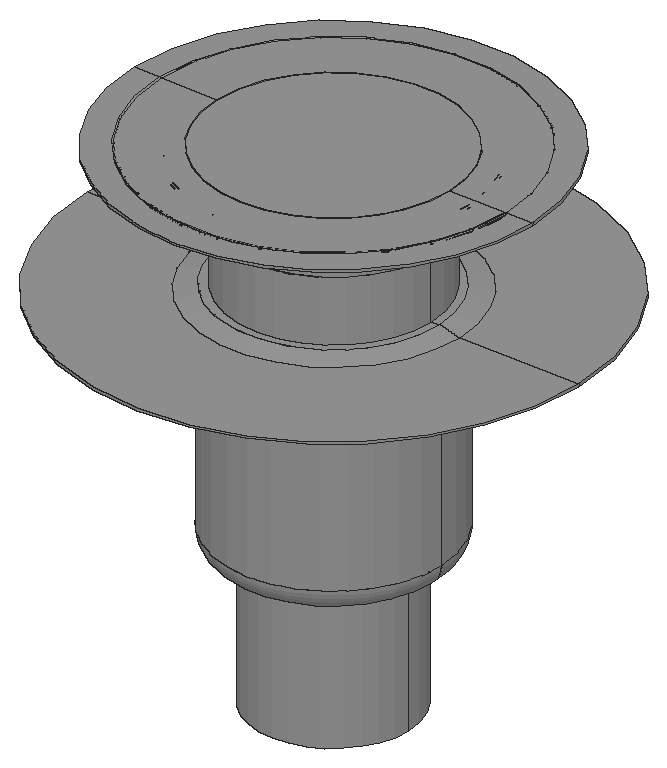
Revit family "ACO AUS Gully 157 Telescopic - Vinyl Top - Vertical Outlet with Adhesive Flange - 170mm dia 2", category Plumbing Fixtures, host Floor, Revit 2014
Parameters (values of type "142184 - Adjustable Height without FAT SS 304")
  Website = "www.acoaus.com.au"
  Watermarked By = "www.acoaus.com.au"
  Water Marked With = "BIM Manager Premium Suite"  # constant formula
  Water Mark 2 = "This file is water marked and users are prohibited to reproduce, adapt, distribute this information"  # constant formula
  Water Mark 1 = "This file is the property of ACO Passavant"  # constant formula
  Waste Connection = no
  Telephone = "+61 (2) 4747 4000"  # constant formula
  Square Size = 200.000 mm
  Seepage Water Removal Pipe End = -if(Square Size = 200.000 mm, 8.500 mm, 25.000 mm)  # -8.500 mm
  Product Type = "Point Drainage"  # constant formula
  Product Range = "ACO Gully 157"  # constant formula
  Product Code 413027 = "N/A"
  Product Code 413026 = "1.0 litre removable strainer -Stainless steel grade 304 -  0.6kg"
  Product Code 408216 = "N/A"
  Product Code 408213 = "N/A"
  Product Code 408206 = "Waterproof bonding flange - Stainless steel grade 304 - 1.9kg"
  Product Code 408203 = "0.3 litre removable strainer - Stainless steel grade 304 - 0.3kg"
  Product Code 142006 = "N/A"
  Product Code 142005 = "N/A"
  Product Code 142004 = "N/A"
  Product Code 142003 = "N/A"
  Product Code 142002 = "N/A"
  Product Code 142001 = "N/A"
  Price = "POA - contact ACO "  # constant formula
  Outlet Diameter (mm) = "110"  # constant formula
  Material = Stainless Steel AISI 304
  Manufacturer = "ACO Polycrete"  # constant formula
  Load Class = "A15 - C250 (EN 1253) and D210 (AS 3996)"  # constant formula
  Gully Weight (Kg) = "4"
  Gully Void Start [instance] = 0.000 mm
  Gully Top Size (mm) = "To suit 170 dia. grates\r\n\r\n"  # constant formula
  Gully Top = Grating 200 x 200mm  # yes
  Gully Recycled Material Content = "20 - 30 %"  # constant formula
  Gully Recyclable = "Fully Recyclable"  # constant formula
  Gully Product Description = "ACO Gully 157 adjustable height gully with integrated bonding flange - DN100 vertical outlet with round vinyl clamp top section without FAT - grade 304"
  Gully Product Code = "142184"
  Gully Material = "Stainless steel grade 304"
  Gully Colour = "passivated stainless steel surface ( matt grey)\r\n"  # constant formula
  Grating Product Code 97367 = "N/A"
  Grating Product Code 97146 = "Load Class M125 (EN 1253) - Ladder Grating - Plain  - Stainless steel grade 304 - 170mm dia x 25mm - 1.6kg"
  Foul Air Trap Seal Recycled Material Content = "N/A"
  Foul Air Trap Seal Recyclable = "N/A"
  Foul Air Trap Seal Material = "N/A"
  Foul Air Trap Seal Colour = "N/A"
  Flow Rate (l/s) = "12.6"
  97367 - 170 mm dia - Ladder Grating - Plain  - Stainless Steel 316 [instance] = no
  97146 - 170 mm dia - Ladder Grating - Plain  - Stainless Steel 304 [instance] = yes
  413026 - 1.0 litre removable strainer Stainless Steel 304 [instance] = no
  413027 - 1.0 litre removable strainer Stainless Steel 316 [instance] = no
  408216 - Waterproof bonding flange Stainless Steel 316 [instance] = no
  408213 - 0.3 litre removable strainer Stainless Steel 316 [instance] = no
  408206 - Waterproof bonding flange Stainless Steel 304 [instance] = no
  408203 - 0.3 litre removable strainer Stainless Steel 304 [instance] = no
  408057 - Telescopic Vertical Gully & 408205 - Friction Ring = yes
  Grating Depth = if(Square Size = 200.000 mm, 25.000 mm, 25.000 mm)  # 25.000 mm
  Grating 200 x 200mm = Square Size = 200.000 mm  # yes
  Floor to Gully Height [instance] = if(FFL To Gully Top Height > 93.000 mm, 93.000 mm, if(and(FFL To Gully Top Height > 67.000 mm, FFL To Gully Top Height < 93.000 mm), FFL To Gully Top Height, if(FFL To Gully Top Height < 67.000 mm, 67.000 mm, FFL To Gully Top Height)))  # 93.000 mm
  Floor Void End [instance] = -(Floor to Gully Height + 170.000 mm)  # -263.000 mm
  Fax = "+61 (2) 4747 4029"  # constant formula
  FFL To Gully Top Height [instance] = 150.000 mm
  E-mail Sales = "sales@acoaus.com.au"
  Address = "134-140 Old Bathurst Road, Emu Plains, NSW 2750, Australia\r\n"  # constant formula
  Foul Air Trap &  Foul Air Trap Support Ring = no
  142006 - Retention chain connecting removable FAT to grate - Stainless Steel 316 [instance] = no
  142005 - Retention chain connecting removable strainer to grate - Stainless Steel 316 [instance] = no
  142004 - Retention chain connecting to FAT to removable strainer -Stainless Steel 316 [instance] = no
  142003 - Retention chain connecting fixed strainer to removable strainer - Stainless Steel 316 [instance] = no
  142002 - Retention chain connecting fixed strainer to FAT - Stainless Steel 316 [instance] = no
  142001 - Fixed strainer to suit a 110mm outlet - Stainless Steel 316 [instance] = no
Reference planes
  plane 1 "Center (Front/Back)": y = 0
  plane 2: z = 0
  plane 3 "Center (Left/Right)": x = 0
Forms (mm)
  Revolve 1, solid, material "Stainless Steel AISI 304", visible <- "Gully Top"
    sketch origin (0, 0, -10) x (1, 0, 0) y (0, 0, 1)
      loop
        line (-71, -36.183) -> (-71, -90) -> (-70, -90) -> (-70, -36.183)
        arc (-70, -36.183) -> (-71.434, -32.383) -> (-75.021, -30.477) r 5.752
        arc (-75.021, -30.477) -> (-76.014, -30.436) -> (-77, -30.567) r 5.752
        line (-77, -30.567) -> (-77, -29.531) -> (-77, -24)
        arc (-77, -24) -> (-78.611, -20.111) -> (-82.5, -18.5) r 5.5
        line (-82.5, -18.5) -> (-88.25, -18.5)
        arc (-88.25, -18.5) -> (-95.124, -15.937) -> (-98.642, -9.5) r 10.5
        line (-98.642, -9.5) -> (-97, -9.5) -> (-97, 3)
        arc (-97, 3) -> (-97.879, 5.121) -> (-100, 6) r 3
        line (-100, 6) -> (-120.057, 6)
        arc (-120.057, 6) -> (-120.631, 6.114) -> (-121.118, 6.439) r 1.5
        line (-121.118, 6.439) -> (-123.8, 9.121)
        arc (-123.8, 9.121) -> (-124.773, 9.772) -> (-125.921, 10) r 3
        line (-125.921, 10) -> (-144.7, 10) -> (-144.7, 8.5) -> (-125.921, 8.5)
        arc (-125.921, 8.5) -> (-125.347, 8.386) -> (-124.861, 8.061) r 1.5
        line (-124.861, 8.061) -> (-122.179, 5.379)
        arc (-122.179, 5.379) -> (-121.205, 4.728) -> (-120.057, 4.5) r 3
        line (-120.057, 4.5) -> (-100, 4.5)
        arc (-100, 4.5) -> (-98.939, 4.061) -> (-98.5, 3) r 1.5
        line (-98.5, 3) -> (-98.5, -8) -> (-100.25, -8)
        arc (-100.25, -8) -> (-96.735, -16.485) -> (-88.25, -20) r 12
        line (-88.25, -20) -> (-82.5, -20)
        arc (-82.5, -20) -> (-79.672, -21.172) -> (-78.5, -24) r 4
        line (-78.5, -24) -> (-78.5, -31.7) -> (-75.108, -31.7)
        arc (-75.108, -31.7) -> (-72.182, -33.143) -> (-71, -36.183) r 4.5
      axis (0, -90) -> (0, 10)
    angle from 0 to 360
  Extrusion 2, solid, material "Stainless Steel AISI 304", visible <- "Gully Top"
    sketch origin (-77.5, -77.5, -25) x (0, 1, 0) y (-1, 0, 0)
      loop
        circle (77.5, -77.5) r 84.497
    from 0 to 25 <- "Grating Depth"
  Extrusion 3, void
    sketch origin (0, 0, 0) x (1, 0, 0) y (0, 1, 0)
      loop
        circle (0, 0) r 144.7
    from 0 to -263 <- "Floor Void End"
  Extrusion 4, solid, material "Stainless Steel AISI 304"
    sketch origin (78.5, -78.5, -26) x (-1, 0, 0) y (0, 0, -1)
      loop
        circle (78.5, -8.034) r 8.5
      loop
        circle (78.5, -8.034) r 7.5
    from 26 to -8.5 <- "Seepage Water Removal Pipe End"
  Extrusion 5, void
    sketch origin (213.5, -78.5, -26) x (-1, 0, 0) y (0, 0, -1)
      loop
        circle (213.5, -8.034) r 8.5
    from 0 to -8.5
  Revolve 6, solid, material "Stainless Steel AISI 304", visible <- "Foul Air Trap &  Foul Air Trap Support Ring"
    sketch origin (0, 0, 3.125) x (1, 0, 0) y (0, 0, 1)
      loop
        line (57, -185.145) -> (55.5, -185.145) -> (55.5, -234.125)
        arc (55.5, -234.125) -> (49.642, -248.267) -> (35.5, -254.125) r 20
        line (35.5, -254.125) -> (0, -254.125) -> (0, -255.625) -> (35.5, -255.625)
        arc (35.5, -255.625) -> (50.703, -249.328) -> (57, -234.125) r 21.5
        line (57, -234.125) -> (57, -185.145)
      loop
        line (62, -150.625) -> (62, -152.625)
        arc (62, -152.625) -> (61.561, -153.686) -> (60.5, -154.125) r 1.5
        line (60.5, -154.125) -> (58.25, -154.125)
        arc (58.25, -154.125) -> (43.754, -160.129) -> (37.75, -174.625) r 20.5
        line (37.75, -174.625) -> (37.75, -195.145) -> (39.25, -195.145) -> (39.25, -174.625)
        arc (39.25, -174.625) -> (44.815, -161.19) -> (58.25, -155.625) r 19
        line (58.25, -155.625) -> (60.5, -155.625)
        arc (60.5, -155.625) -> (62.621, -154.746) -> (63.5, -152.625) r 3
        line (63.5, -152.625) -> (63.5, -150.625) -> (62, -150.625)
      axis (0, -255.625) -> (0, -150.625)
    angle from 0 to 360
  Revolve 7, solid, material "Rubber, Nitrile", visible <- "Foul Air Trap &  Foul Air Trap Support Ring"
    sketch origin (0, 0, 0) x (1, 0, 0) y (0, 0, 1)
      loop
        line (-63.5, -147.5) -> (-77, -147.5) -> (-77, -168.5) -> (-63.5, -168.5) -> (-63.5, -163) -> (-55.5, -163) -> (-55.5, -153) -> (-63.5, -153) -> (-63.5, -147.5)
      axis (0, -168.5) -> (0, -147.5)
    angle from 0 to 360
  Extrusion 8, void
    sketch origin (0, 0, 0) x (0, 1, 0) y (0, 0, 1)
      loop
        line (-77.5, -39.487) -> (-70, -39.487) -> (-70, -7.511) -> (-77.5, -7.511) -> (-77.5, -39.487)
    from -8.75 to 8.75
  Extrusion 9, void
    sketch origin (0, 0, -93) x (0, 1, 0) y (-1, 0, 0)
      loop
        circle (0, 0) r 178.5
    from 0 <- "Gully Void Start" to -269
  Revolve 10, solid, material "Stainless Steel AISI 304" <- "Material"
    sketch origin (0, 0, 0) x (1, 0, 0) y (0, 0, 1)
      loop
        arc (-121.118, -3.561) -> (-120.631, -3.886) -> (-120.057, -4) r 1.5
        line (-120.057, -4) -> (-100, -4)
        arc (-100, -4) -> (-97.879, -4.879) -> (-97, -7) r 3
        line (-97, -7) -> (-97, -19.5) -> (-98.642, -19.5)
        arc (-98.642, -19.5) -> (-93.567, -27.054) -> (-84.497, -27.806) r 10.5
        line (-84.497, -27.806) -> (-84.497, 0) -> (-125.921, 0)
        arc (-125.921, 0) -> (-124.773, -0.228) -> (-123.8, -0.879) r 3
        line (-123.8, -0.879) -> (-121.118, -3.561)
      axis (0, 0) -> (0, -27.806)
    angle from 0 to 360
Cuts and joins
  Extrusion 5 cuts Revolve 1
  Extrusion 5, Extrusion 8, Extrusion 9 cuts Extrusion 4
Lines and regions (mm)
  model lines, visible <- "Grating 200 x 200mm"
    curve 1: line (-0.5, 85.25, 0) -> (-0.5, -85.25, 0)
    curve 2: line (0.5, 85.25, 0) -> (0.5, -85.25, 0)
    curve 3: line (-72.224, 43.858, 0) -> (-72.224, -44.003, 0)
    curve 4: line (-73.224, 42.306, 0) -> (-73.224, -42.167, 0)
    curve 5: line (-47.982, 69.552, 0) -> (-47.982, -69.436, 0)
    curve 6: line (-48.982, 68.851, 0) -> (-48.982, -68.858, 0)
  model lines, visible <- "Grating 200 x 200mm", not visible
    curve 7: line (-0.5, 85.25, 0) -> (-0.5, -85.25, 0)
    curve 8: line (0.5, 85.25, 0) -> (0.5, -85.25, 0)
    curve 9: line (-72.224, 43.858, 0) -> (-72.224, -44.003, 0)
    curve 10: line (-73.224, 42.306, 0) -> (-73.224, -42.167, 0)
    curve 11: line (-47.982, 69.552, 0) -> (-47.982, -69.436, 0)
    curve 12: line (-48.982, 68.851, 0) -> (-48.982, -68.858, 0)
  model lines
    curve 13: line (-24.741, 80.682, 0) -> (-24.741, -80.572, 0)
    curve 14: line (-23.741, 80.915, 0) -> (-23.741, -80.751, 0)
    curve 15: line (72.224, 45.25, 0) -> (72.224, -43.954, 0)
    curve 16: line (73.224, 44.014, 0) -> (73.224, -42.167, 0)
    curve 17: line (47.982, 71.037, 0) -> (47.982, -69.684, 0)
    curve 18: line (48.982, 70.25, 0) -> (48.982, -68.711, 0)
    curve 19: line (23.741, 81.764, 0) -> (23.741, -80.82, 0)
    curve 20: line (24.741, 81.733, 0) -> (24.741, -80.794, 0)
  model lines, not visible
    curve 21: line (-24.741, 80.682, 0) -> (-24.741, -80.572, 0)
    curve 22: line (-23.741, 80.915, 0) -> (-23.741, -80.751, 0)
    curve 23: line (72.224, 45.25, 0) -> (72.224, -43.954, 0)
    curve 24: line (73.224, 44.014, 0) -> (73.224, -42.167, 0)
    curve 25: line (47.982, 71.037, 0) -> (47.982, -69.684, 0)
    curve 26: line (48.982, 70.25, 0) -> (48.982, -68.711, 0)
    curve 27: line (23.741, 81.764, 0) -> (23.741, -80.82, 0)
    curve 28: line (24.741, 81.733, 0) -> (24.741, -80.794, 0)
Dimensions and locks
  Revolve 1 sketch curve to Revolve 1 sketch curve to Revolve 1 sketch curve to Revolve 1 sketch curve to Revolve 1 sketch curve = 4.108 mm, 0.000 mm locked, 1.000 mm locked, 0.000 mm locked
  Revolve 1 sketch curve to Revolve 1 sketch curve to Revolve 1 sketch curve to Revolve 1 sketch curve = 4.483 mm locked, 0.000 mm locked, 53.817 mm locked
  Extrusion 2 to nested 1 = 93.000 mm
  curve 1 to plane 3 "Center (Left/Right)" to curve 2 = 0.500 mm locked, 0.500 mm locked
  locked: Extrusion 4 sketch curve to plane 3 "Center (Left/Right)" at 8.5
  Revolve 6 sketch curve to Revolve 6 sketch curve to Revolve 6 sketch curve to Revolve 6 sketch curve to Revolve 6 sketch curve to Revolve 6 sketch curve to Revolve 6 sketch curve to Revolve 6 sketch curve to Revolve 6 sketch curve to Revolve 6 sketch curve to Revolve 6 sketch curve to Revolve 6 sketch curve to Revolve 6 sketch curve = 1.500 mm locked, 1.500 mm, 0.000 mm locked, 2.250 mm locked, 0.000 mm locked, 1.250 mm locked, 1.500 mm locked, 16.250 mm locked, 1.500 mm locked, 2.250 mm locked, 0.000 mm locked, 35.500 mm locked
  Revolve 6 sketch curve to Revolve 6 sketch curve to Revolve 6 sketch curve to Revolve 6 sketch curve to Revolve 6 sketch curve to Revolve 6 sketch curve to Revolve 6 sketch curve to Revolve 6 sketch curve to Revolve 6 sketch curve to Revolve 6 sketch curve to Revolve 6 sketch curve = 3.500 mm locked, 1.500 mm locked, 19.000 mm locked, 0.000 mm locked, 10.520 mm locked, 10.000 mm locked, 38.980 mm locked, 0.000 mm locked, 20.000 mm locked, 1.500 mm locked
  Revolve 7 sketch curve to Revolve 7 sketch curve to Revolve 7 sketch curve to Revolve 7 sketch curve = 5.500 mm locked, 10.000 mm locked, 5.500 mm locked
  Revolve 7 sketch curve to Revolve 7 sketch curve to Revolve 7 sketch curve to Revolve 7 sketch curve = 13.500 mm locked, 0.000 mm locked, 8.000 mm locked
  locked: nested 1 to Revolve 6 sketch curve at 54.5
  "FFL To Gully Top Height": host floor to host floor
  Revolve 1 sketch curve to Revolve 1 sketch curve to Revolve 1 sketch curve to Revolve 1 sketch curve to Revolve 1 sketch curve to Revolve 1 sketch curve to Revolve 1 sketch curve to Revolve 1 sketch curve to Revolve 1 sketch curve = 1.500 mm locked, 2.500 mm locked, 1.500 mm locked, 12.500 mm locked, 1.500 mm locked, 9.000 mm locked, 1.500 mm locked, 9.531 mm locked
  plane 2 to Revolve 10 sketch curve to Revolve 10 sketch curve to Revolve 10 sketch curve = 4.000 mm locked, 15.500 mm locked, 8.306 mm locked
  radius of Extrusion 4 sketch curve = 8.500 mm
  radius of Extrusion 2 sketch curve = 84.497 mm
  aligned and locked: level to plane 2
  aligned and locked: Extrusion 5 sketch curve to Extrusion 4
  aligned and locked: Extrusion 5 to Extrusion 4
  aligned and locked: Revolve 6 to Revolve 7 sketch curve
  aligned and locked: nested 1 to nested 2
  aligned and locked: plane 3 "Center (Left/Right)" to nested 2
  aligned and locked: nested 1 to nested 3
  aligned and locked: nested 3 to plane 1 "Center (Front/Back)"
  aligned and locked: Extrusion 8 sketch curve to Extrusion 4
  aligned and locked: Extrusion 9 sketch curve to nested 1
  aligned and locked: nested 4 to plane 2
  aligned and locked: plane 3 "Center (Left/Right)" to nested 4
  aligned and locked: Revolve 1 sketch curve to nested 4
  aligned and locked: Revolve 10 sketch curve to plane 3 "Center (Left/Right)"
  aligned and locked: Extrusion 3 sketch curve to cut or joined group of Revolve 1, Extrusion 5  (x2)
  aligned and locked: Extrusion 9 to nested 1
  aligned and locked: nested 5 to plane 1 "Center (Front/Back)"
  aligned and locked: nested 5 to plane 2
  aligned and locked: Extrusion 4 to nested 5
  aligned and locked: plane 2 to Extrusion 2
  aligned and locked: Extrusion 2 sketch curve to Revolve 10
Automatic sketch dimensions
  Revolve 6 sketch curve to plane 3 "Center (Left/Right)" = 0.000 mm  (x2)
  level to Revolve 6 sketch curve = 3.125 mm
  Revolve 6 sketch curve to Revolve 6 sketch curve = 30.000 mm
  Revolve 7 sketch curve to level = 0.000 mm
  Revolve 7 sketch curve to plane 3 "Center (Left/Right)" = 0.000 mm
  Revolve 7 sketch curve to Revolve 7 sketch curve = 25.000 mm
  Revolve 7 sketch curve to plane 3 "Center (Left/Right)" = 55.500 mm
  Extrusion 8 sketch curve to Extrusion 8 sketch curve = 31.976 mm
  Extrusion 8 sketch curve to Extrusion 8 sketch curve = 7.500 mm
  Extrusion 8 sketch curve to level = 39.487 mm
  Extrusion 4 sketch curve to level = 17.966 mm
  Revolve 1 sketch curve to Revolve 1 sketch curve = 0.000 mm  (x12)
  Revolve 1 sketch curve to level = 0.000 mm  (x2)
  Revolve 1 sketch curve to plane 3 "Center (Left/Right)" = 0.000 mm
  Revolve 1 sketch curve to plane 3 "Center (Left/Right)" = 70.000 mm
  Revolve 1 sketch curve to Revolve 1 sketch curve = 4.000 mm
  Revolve 1 sketch curve to Revolve 1 sketch curve = 5.750 mm
  Revolve 1 sketch curve to Revolve 1 sketch curve = 1.642 mm
  Revolve 1 sketch curve to Revolve 1 sketch curve = 1.500 mm
  Revolve 1 sketch curve to Revolve 1 sketch curve = 20.057 mm
  Revolve 1 sketch curve to level = 3.561 mm
  Revolve 1 sketch curve to Revolve 1 sketch curve = 1.061 mm  (x2)
  Revolve 1 sketch curve to level = 4.621 mm
  Revolve 1 sketch curve to level = 0.879 mm
  Revolve 1 sketch curve to Revolve 1 sketch curve = 2.682 mm
  Revolve 1 sketch curve to level = 1.939 mm
  Revolve 1 sketch curve to Revolve 1 sketch curve = 18.779 mm
  Revolve 1 sketch curve to Revolve 1 sketch curve = 25.000 mm
  Revolve 1 sketch curve to Revolve 1 sketch curve = 0.252 mm
  Revolve 1 sketch curve to Revolve 1 sketch curve = 1.892 mm
  Revolve 1 sketch curve to Revolve 1 sketch curve = 0.087 mm
  Extrusion 4 sketch curve to Extrusion 4 sketch curve = 0.000 mm  (x2)
  Revolve 10 sketch curve to level = 0.000 mm
  Revolve 10 sketch curve to plane 3 "Center (Left/Right)" = 84.497 mm
  Revolve 10 sketch curve to Revolve 10 sketch curve = 35.560 mm
  Revolve 10 sketch curve to level = 3.561 mm
  Revolve 10 sketch curve to Revolve 10 sketch curve = 1.061 mm
  Revolve 10 sketch curve to level = 0.879 mm
  Revolve 10 sketch curve to Revolve 10 sketch curve = 2.682 mm
  Revolve 10 sketch curve to Revolve 10 sketch curve = 2.121 mm
  Revolve 10 sketch curve to Revolve 10 sketch curve = 996.000 mm
  level to Revolve 10 sketch curve = 1000.000 mm
  Revolve 10 sketch curve to Revolve 10 sketch curve = 8.750 mm
  Revolve 10 sketch curve to Revolve 10 sketch curve = 1.642 mm
  Revolve 10 sketch curve to Revolve 10 sketch curve = 1.500 mm
  Revolve 10 sketch curve to Revolve 10 sketch curve = 1.358 mm
  curve 18 to curve 17 = 1.000 mm
  curve 2 to curve 19 = 4.430 mm
  curve 1 to curve 2 = 0.000 mm  (x2)
  curve 19 to curve 20 = 0.026 mm
  curve 1 to curve 14 = 4.499 mm
  curve 14 to curve 13 = 0.178 mm
  curve 13 to curve 5 = 11.136 mm
  curve 5 to curve 6 = 0.578 mm
  curve 6 to curve 3 = 24.855 mm
  curve 18 to curve 15 = 24.757 mm
  curve 15 to curve 16 = 1.787 mm
  curve 3 to curve 4 = 1.836 mm
  curve 4 to curve 4 = 84.473 mm
  curve 4 to curve 3 = 1.551 mm
  curve 16 to curve 16 = 86.181 mm
  curve 16 to curve 15 = 1.236 mm
  curve 3 to curve 6 = 24.993 mm
  curve 6 to curve 5 = 0.701 mm
  curve 15 to curve 18 = 25.000 mm
  curve 18 to curve 17 = 0.787 mm
  curve 5 to curve 13 = 11.130 mm
  curve 13 to curve 14 = 0.233 mm
  curve 17 to curve 20 = 10.695 mm
  curve 20 to curve 19 = 0.031 mm
  curve 14 to curve 1 = 4.335 mm
  curve 15 to curve 18 = 23.241 mm
  curve 16 to curve 15 = 1.000 mm
  curve 20 to curve 19 = 1.000 mm
  curve 2 to curve 1 = 1.000 mm
  curve 1 to curve 14 = 23.241 mm
  curve 14 to curve 13 = 1.000 mm
  curve 13 to curve 5 = 23.241 mm
  curve 5 to curve 6 = 1.000 mm
  curve 6 to curve 3 = 23.241 mm
  curve 3 to curve 4 = 1.000 mm
  curve 19 to curve 2 = 23.241 mm
  curve 20 to curve 17 = 11.110 mm
  curve 17 to curve 18 = 0.973 mm
  curve 17 to curve 19 = 24.241 mm
  curve 26 to curve 25 = 1.000 mm
  curve 8 to curve 27 = 4.430 mm
  curve 7 to curve 8 = 0.000 mm  (x2)
  curve 27 to curve 28 = 0.026 mm
  curve 7 to curve 22 = 4.499 mm
  curve 22 to curve 21 = 0.178 mm
  curve 21 to curve 11 = 11.136 mm
  curve 11 to curve 12 = 0.578 mm
  curve 12 to curve 9 = 24.855 mm
  curve 26 to curve 23 = 24.757 mm
  curve 23 to curve 24 = 1.787 mm
  curve 9 to curve 10 = 1.836 mm
  curve 10 to curve 10 = 84.473 mm
  curve 10 to curve 9 = 1.551 mm
  curve 24 to curve 24 = 86.181 mm
  curve 24 to curve 23 = 1.236 mm
  curve 9 to curve 12 = 24.993 mm
  curve 12 to curve 11 = 0.701 mm
  curve 23 to curve 26 = 25.000 mm
  curve 26 to curve 25 = 0.787 mm
  curve 11 to curve 21 = 11.130 mm
  curve 21 to curve 22 = 0.233 mm
  curve 25 to curve 28 = 10.695 mm
  curve 28 to curve 27 = 0.031 mm
  curve 22 to curve 7 = 4.335 mm
  curve 23 to curve 26 = 23.241 mm
  curve 24 to curve 23 = 1.000 mm
  curve 28 to curve 27 = 1.000 mm
  curve 8 to curve 7 = 1.000 mm
  curve 7 to curve 22 = 23.241 mm
  curve 22 to curve 21 = 1.000 mm
  curve 21 to curve 11 = 23.241 mm
  curve 11 to curve 12 = 1.000 mm
  curve 12 to curve 9 = 23.241 mm
  curve 9 to curve 10 = 1.000 mm
  curve 27 to curve 8 = 23.241 mm
  curve 28 to curve 25 = 11.110 mm
  curve 25 to curve 26 = 0.973 mm
  curve 25 to curve 27 = 24.241 mm
  radius of Extrusion 4 sketch curve = 7.500 mm
Nested families
  nested 1: "Vertical Gully Outlet" at (0, 0, 0), visible <- "408057 - Telescopic Vertical Gully & 408205 - Friction Ring", type "408057 - Telescopic - Vertical Outlet Ø - 110mm"
  nested 2: "Gully Detail Vertical" at (0, 0, -93) x (1, 0, 0) z (0, -1, 0), visible <- "Gully Top", type "Vertical Outlet Gully"
  nested 3: "Gully Detail Vertical" at (0, 0, -93) x (0, 1, 0) z (1, 0, 0), visible <- "408057 - Telescopic Vertical Gully & 408205 - Friction Ring", type "Vertical Outlet Gully"
  nested 4: "Vinyl Gully Top Detail Element" at (0, 0, 0) x (1, 0, 0) z (0, -1, 0), type "Front & Rare"
  nested 5: "Vinyl Gully Top Detail Element" at (0, 0, 0) x (0, 1, 0) z (1, 0, 0), type "Left & Right"
Connectors
  piping at (0, 0, -362), diameter 110
    settings: on nested 1, index 1, connector inside diameter 110 mm, connector length 0.000 mm, flow factor 0, pipe flow 0.0 L/s, pressure drop 0.0 Pa, fitting loss kfactor 0, connector angle 0.00°, fixture units 0, engagement length 0.000 mm, angle of deflection 0.00°, flow configuration 0, flow direction 0, fitting loss method 0, system type 16, joint type 0, gender type 0, connector reference index -1, connector utility 0, adjustable connector no, is connector primary yes, connector description ""
Definition of nested family "Vertical Gully Outlet"
  Parameters (values of type "408057 - Telescopic - Vertical Outlet Ø - 110mm")
    Vertical Void Radius = 53.500 mm  # constant formula
    Vertical Outlet = yes
    Type Comments = "﻿﻿  ﻿         ​    ﻿            ​            ​      ﻿      ﻿   ​     ﻿    ﻿   ​      ﻿​             ﻿         ​  ﻿      ​ ​    ​      ​  ​      ​       ​      ​            ﻿        ​      ﻿      ﻿       ﻿        ​    ​​ ​ ​​​ ​    ​﻿ ​​​         ﻿﻿                          ​﻿                         ﻿     ​                      ​         ​ ﻿       ​   ​              ​       ​  ​               ﻿         ​​                                 ​       ​                 ﻿          ﻿   ​​ ​          ﻿ ​             ﻿﻿"
    Top Plate Radius = 178.500 mm
    Vertical Height from Floor = 93.000 mm
    Keynote = "﻿﻿  ﻿         ​    ﻿            ​            ​      ﻿      ﻿   ​     ﻿    ﻿   ​      ﻿​             ﻿         ​  ﻿      ​ ​    ​      ​  ​      ​       ​      ​            ﻿        ​      ﻿      ﻿       ﻿        ​    ​​ ​ ​​​ ​    ​﻿ ​​​         ﻿﻿                          ​﻿                         ﻿     ​                      ​         ​ ﻿       ​   ​              ​       ​  ​               ﻿         ​​                                 ​       ​                 ﻿          ﻿   ​​ ​          ﻿ ​             ﻿﻿"
    Gully Height = if(Vertical Outlet, 170.000 mm, 0.000 mm)  # 170.000 mm
    Description = "﻿﻿  ﻿         ​    ﻿            ​            ​      ﻿      ﻿   ​     ﻿    ﻿   ​      ﻿​             ﻿         ​  ﻿      ​ ​    ​      ​  ​      ​       ​      ​            ﻿        ​      ﻿      ﻿       ﻿        ​    ​​ ​ ​​​ ​    ​﻿ ​​​         ﻿﻿                          ​﻿                         ﻿     ​                      ​         ​ ﻿       ​   ​              ​       ​  ​               ﻿         ​​                                 ​       ​                 ﻿          ﻿   ​​ ​          ﻿ ​             ﻿﻿"
    Assembly Code = "﻿﻿  ﻿         ​    ﻿            ​            ​      ﻿      ﻿   ​     ﻿    ﻿   ​      ﻿​             ﻿         ​  ﻿      ​ ​    ​      ​  ​      ​       ​      ​            ﻿        ​      ﻿      ﻿       ﻿        ​    ​​ ​ ​​​ ​    ​﻿ ​​​         ﻿﻿                          ​﻿                         ﻿     ​                      ​         ​ ﻿       ​   ​              ​       ​  ​               ﻿         ​​                                 ​       ​                 ﻿          ﻿   ​​ ​          ﻿ ​             ﻿﻿"
  Reference planes
    plane 1 "Center (Front/Back)": y = 0
    plane 2: z = 0
    plane 3 "Center (Left/Right)": x = 0
    plane 4: z = -171
  Forms (mm)
    Revolve 1, solid, material "Stainless Steel AISI 304"
      sketch origin (0, 0, 0) x (1, 0, 0) y (0, 0, 1)
        loop
          line (-53.5, -261.5) -> (-62, -261.5)
          arc (-62, -261.5) -> (-72.607, -257.107) -> (-77, -246.5) r 15
          line (-77, -246.5) -> (-77, -93) -> (-178.5, -93) -> (-178.5, -94.5) -> (-78.5, -94.5) -> (-78.5, -246.5)
          arc (-78.5, -246.5) -> (-73.667, -258.167) -> (-62, -263) r 16.5
          line (-62, -263) -> (-53.5, -263) -> (-53.5, -261.5)
        axis (0, -263) -> (0, -93)
      angle from 0 to 360
    Revolve 2, solid, material "Stainless Steel AISI 304", visible <- "Vertical Outlet"
      sketch origin (0, 0, 0) x (1, 0, 0) y (0, 0, 1)
        loop
          line (-53.5, -362) -> (-53.5, -263) -> (-55, -263) -> (-55, -362) -> (-53.5, -362)
        axis (0, -362) -> (0, -263)
      angle from 0 to 360
    Revolve 3, solid, material "Rubber, Nitrile"
      sketch origin (0, 0, 0) x (1, 0, 0) y (0, 0, 1)
        loop
          line (-92, -93) -> (-77, -93) -> (-77, -114) -> (-71, -114) -> (-71, -90) -> (-77, -90) -> (-92, -93)
        axis (0, -114) -> (0, -90)
      angle from 0 to 360
  Dimensions and locks
    plane 3 "Center (Left/Right)" to Revolve 1 sketch curve to Revolve 1 sketch curve = 77.000 mm locked, 1.500 mm locked
    "Vertical Height from Floor": host floor to Revolve 1 sketch curve
    Revolve 1 sketch curve to Revolve 1 sketch curve to Revolve 1 sketch curve to Revolve 1 sketch curve = 0.000 mm locked, 15.000 mm locked, 1.500 mm locked
    "Gully Height": Revolve 1 sketch curve to Revolve 1 sketch curve
    "Vertical Void Radius": plane 3 "Center (Left/Right)" to Revolve 1 sketch curve
    Revolve 2 sketch curve to Revolve 2 sketch curve = 99.000 mm
    locked: Revolve 2 sketch curve to Revolve 2 sketch curve at 1.5
    "Vertical Void Radius": plane 3 "Center (Left/Right)" to Revolve 2 sketch curve
    locked: Revolve 1 to Revolve 2 sketch curve at 1.5
    "Top Plate Radius": plane 3 "Center (Left/Right)" to Revolve 1 sketch curve
    locked: Revolve 1 sketch curve to Revolve 1 sketch curve at 1.5
    Revolve 3 sketch curve to Revolve 3 sketch curve to Revolve 3 sketch curve = 6.000 mm locked, 15.000 mm locked
    Revolve 3 sketch curve to Revolve 3 sketch curve to Revolve 3 sketch curve = 3.000 mm locked, 21.000 mm locked
    locked: Revolve 1 to Revolve 3 at 21
    aligned and locked: level to plane 2
  Automatic sketch dimensions
    Revolve 3 sketch curve to plane 4 = 57.000 mm
    Revolve 3 sketch curve to plane 3 "Center (Left/Right)" = 0.000 mm
    Revolve 3 sketch curve to Revolve 3 sketch curve = 0.000 mm
    Revolve 3 sketch curve to level = 39.000 mm
    Revolve 3 sketch curve to level = 14.000 mm
    Revolve 3 sketch curve to plane 3 "Center (Left/Right)" = 92.000 mm
    Revolve 1 sketch curve to plane 3 "Center (Left/Right)" = 0.000 mm
    level to Revolve 1 sketch curve = 200.000 mm
    Revolve 1 sketch curve to Revolve 1 sketch curve = 20.000 mm
    Revolve 2 sketch curve to level = 0.000 mm
    Revolve 2 sketch curve to plane 3 "Center (Left/Right)" = 0.000 mm
    level to Revolve 2 sketch curve = 10.000 mm
Definition of nested family "Gully Detail Vertical"
  Parameters (values of type "Vertical Outlet Gully")
    Vertical = yes
    Type Comments = "﻿﻿  ﻿         ​    ﻿            ​            ​      ﻿      ﻿   ​     ﻿    ﻿   ​      ﻿​             ﻿         ​  ﻿      ​ ​    ​      ​  ​      ​       ​      ​            ﻿        ​      ﻿      ﻿       ﻿        ​    ​​ ​ ​​​ ​    ​﻿ ​​​         ﻿﻿                          ​﻿                         ﻿     ​                      ​         ​ ﻿       ​   ​              ​       ​  ​               ﻿         ​​                                 ​       ​                 ﻿          ﻿   ​​ ​          ﻿ ​             ﻿﻿"
    Top Piece Height = 170.000 mm
    Top Dia = 157.000 mm
    Top Connecting Plate Dia = 357.000 mm
    Keynote = "﻿﻿  ﻿         ​    ﻿            ​            ​      ﻿      ﻿   ​     ﻿    ﻿   ​      ﻿​             ﻿         ​  ﻿      ​ ​    ​      ​  ​      ​       ​      ​            ﻿        ​      ﻿      ﻿       ﻿        ​    ​​ ​ ​​​ ​    ​﻿ ​​​         ﻿﻿                          ​﻿                         ﻿     ​                      ​         ​ ﻿       ​   ​              ​       ​  ​               ﻿         ​​                                 ​       ​                 ﻿          ﻿   ​​ ​          ﻿ ​             ﻿﻿"
    Botttom Piece Height = 99.000 mm
    Bottom Outlet Dia = 110.000 mm
    Assembly Code = "﻿﻿  ﻿         ​    ﻿            ​            ​      ﻿      ﻿   ​     ﻿    ﻿   ​      ﻿​             ﻿         ​  ﻿      ​ ​    ​      ​  ​      ​       ​      ​            ﻿        ​      ﻿      ﻿       ﻿        ​    ​​ ​ ​​​ ​    ​﻿ ​​​         ﻿﻿                          ​﻿                         ﻿     ​                      ​         ​ ﻿       ​   ​              ​       ​  ​               ﻿         ​​                                 ​       ​                 ﻿          ﻿   ​​ ​          ﻿ ​             ﻿﻿"
    A or B = 58.903 mm
  Reference planes
    plane 1 "Center (Front/Back)": y = 0
    plane 2: z = 0
    plane 3 "Center (Left/Right)": x = 0
  Lines and regions (mm)
    detail lines, in view "Ref. Level"
      curve 1: line (-178.5, 0, 0) -> (178.5, 0, 0)
      curve 2: line (178.5, 0, 0) -> (178.5, -1.5, 0)
      curve 4: line (-178.5, -1.5, 0) -> (-178.5, 0, 0)
      curve 23: line (62, -170, 0) -> (-62, -170, 0)
    detail lines, in view "Ref. Level", detail levels medium+fine
      curve 3: line (178.5, -1.5, 0) -> (-178.5, -1.5, 0)
      curve 5: arc (-78.5, -3.5, 0) -> (-79.086, -2.086, 0) -> (-80.5, -1.5, 0) r 2
      curve 6: arc (80.5, -1.5, 0) -> (79.086, -2.086, 0) -> (78.5, -3.5, 0) r 2
      curve 7: line (-78.5, -58.903, 0) -> (-78.5, -3.5, 0)
      curve 8: line (78.5, -58.903, 0) -> (78.5, -3.5, 0)
      curve 9: arc (76.75, -61.934, 0) -> (78.031, -60.653, 0) -> (78.5, -58.903, 0) r 3.5
      curve 10: line (75.19, -62.835, 0) -> (76.75, -61.934, 0)
      curve 11: arc (75.19, -62.835, 0) -> (73.94, -65, 0) -> (75.19, -67.165, 0) r 2.5
      curve 16: arc (-78.5, -58.903, 0) -> (-78.031, -60.653, 0) -> (-76.75, -61.934, 0) r 3.5
      curve 17: line (-75.19, -62.835, 0) -> (-76.75, -61.934, 0)
      curve 18: arc (-75.19, -67.165, 0) -> (-73.94, -65, 0) -> (-75.19, -62.835, 0) r 2.5
      curve 19: line (-75.19, -67.165, 0) -> (-76.75, -68.066, 0)
      curve 20: arc (-76.75, -68.066, 0) -> (-78.031, -69.347, 0) -> (-78.5, -71.097, 0) r 3.5
      curve 21: line (-78.5, -153.5, 0) -> (-78.5, -71.097, 0)
      curve 22: arc (-78.5, -153.5, 0) -> (-73.667, -165.167, 0) -> (-62, -170, 0) r 16.5
    detail lines, in view "Ref. Level", visible <- "Vertical", detail levels medium+fine
      curve 12: line (75.19, -67.165, 0) -> (76.75, -68.066, 0)
      curve 13: arc (78.5, -71.097, 0) -> (78.031, -69.347, 0) -> (76.75, -68.066, 0) r 3.5
      curve 14: line (78.5, -153.5, 0) -> (78.5, -71.097, 0)
      curve 15: arc (62, -170, 0) -> (73.667, -165.167, 0) -> (78.5, -153.5, 0) r 16.5
      curve 24: arc (-55.5, -175, 0) -> (-57.543, -171.417, 0) -> (-61.416, -170, 0) r 6
      curve 26: arc (61.416, -170, 0) -> (57.543, -171.417, 0) -> (55.5, -175, 0) r 6
      curve 27: line (55, -178.017, 0) -> (55, -175, 0)
      curve 28: line (-55, -178.017, 0) -> (-55, -175, 0)
      curve 29: line (51.25, -181.733, 0) -> (55, -178.017, 0)
      curve 30: line (-51.25, -181.733, 0) -> (-55, -178.017, 0)
      curve 31: line (-51.25, -208.284, 0) -> (-51.25, -181.733, 0)
      curve 32: line (51.25, -208.284, 0) -> (51.25, -181.733, 0)
      curve 33: line (51.25, -208.284, 0) -> (55, -212, 0)
      curve 34: line (-51.25, -208.284, 0) -> (-55, -212, 0)
      curve 36: line (55, -261.536, 0) -> (53, -269, 0)
      curve 37: line (-53, -269, 0) -> (-55, -261.009, 0)
    detail lines, in view "Ref. Level", visible <- "Vertical", detail levels fine
      curve 25: line (55.5, -175, 0) -> (-55.5, -175, 0)
      curve 41: line (-78.5, -71.097, 0) -> (78.5, -71.097, 0)
      curve 44: line (-78.5, -153.5, 0) -> (78.5, -153.5, 0)
      curve 45: line (-51.25, -181.733, 0) -> (51.25, -181.733, 0)
      curve 46: line (-51.25, -208.284, 0) -> (51.25, -208.284, 0)
      curve 47: line (-55, -212, 0) -> (55, -212, 0)
      curve 48: line (-55, -261.009, 0) -> (55, -261.009, 0)
    detail lines, in view "Ref. Level", visible <- "Vertical"
      curve 35: line (-55, -261.009, 0) -> (-55, -212, 0)
      curve 38: line (53, -269, 0) -> (-53, -269, 0)
      curve 39: line (55, -261.536, 0) -> (55, -212, 0)
    detail lines, in view "Ref. Level", detail levels fine
      curve 40: line (-78.5, -58.903, 0) -> (78.5, -58.903, 0)
      curve 42: line (-76.75, -61.934, 0) -> (76.75, -61.934, 0)
      curve 43: line (-76.75, -68.066, 0) -> (76.75, -68.066, 0)
    detail lines, in view "Ref. Level", detail levels coarse
      curve 49: line (178.5, -1.5, 0) -> (178.5, -66, 0)
      curve 50: line (-178.5, -1.5, 0) -> (-178.5, -170, 0)
      curve 51: line (-61.416, -170, 0) -> (-178.5, -170, 0)
    detail lines, in view "Ref. Level", visible <- "Vertical", detail levels coarse
      curve 52: line (-55, -212, 0) -> (-55, -170, 0)
      curve 53: line (55, -212, 0) -> (55, -170, 0)
      curve 54: line (-55, -261.009, 0) -> (-55, -269, 0)
      curve 55: line (-55, -269, 0) -> (-53, -269, 0)
      curve 56: line (55, -261.536, 0) -> (55, -269, 0)
      curve 57: line (53, -269, 0) -> (55, -269, 0)
      curve 58: line (178.5, -66, 0) -> (178.5, -170, 0)
      curve 59: line (60.795, -170, 0) -> (178.5, -170, 0)
  Dimensions and locks
    equal spacing: curve 4, plane 3 "Center (Left/Right)", curve 2
    "Top Connecting Plate Dia": curve 4 to curve 2
    equal spacing: curve 7, plane 3 "Center (Left/Right)", curve 8
    "Top Dia": curve 7 to curve 8
    equal spacing: curve 35, plane 3 "Center (Left/Right)", curve 39
    "Bottom Outlet Dia": curve 35 to curve 39
    curve 24 to curve 28 to curve 35 to curve 38 to curve 31 = 6.416 mm locked, 0.000 mm locked, 2.000 mm locked, 1.750 mm locked
    curve 32 to curve 38 to curve 39 to curve 27 to curve 26 = 1.750 mm locked, 2.000 mm locked, 0.000 mm locked, 6.416 mm locked
    equal spacing: curve 38, curve 48, curve 47, curve 46, curve 45, curve 25, curve 23, curve 44, curve 41, curve 43, curve 42, curve 40, curve 3, curve 1
    "Top Piece Height": curve 23 to curve 1
    "Botttom Piece Height": curve 23 to curve 38
    curve 16 to curve 17 to curve 18 to curve 18 to curve 18 to curve 20 to curve 21 = 3.031 mm locked, 0.901 mm locked, 2.165 mm locked, 2.165 mm locked, 0.901 mm locked, 3.031 mm locked
    "A or B": curve 40 to plane 1 "Center (Front/Back)"
    curve 9 to curve 11 to curve 12 to curve 14 = 3.932 mm locked, 4.330 mm locked, 3.932 mm locked
    aligned and locked: curve 2 to curve 49
    aligned and locked: curve 23 to curve 50
    aligned and locked: curve 35 to curve 52
    aligned and locked: curve 39 to curve 53
    aligned and locked: curve 55 to curve 38
    aligned and locked: curve 59 to curve 23
    aligned and locked: curve 49 to curve 58
  Automatic sketch dimensions
    plane 1 "Center (Front/Back)" to curve 2 = 0.000 mm
    curve 5 to curve 5 = 2.000 mm
    curve 21 to curve 7 = 0.000 mm
    curve 7 to curve 42 = 1.750 mm
    curve 21 to curve 19 = 1.750 mm
    curve 19 to curve 18 = 0.310 mm
    curve 19 to curve 19 = 1.560 mm
    curve 21 to curve 22 = 16.500 mm
    curve 25 to curve 28 = 0.500 mm
    curve 27 to curve 25 = 0.500 mm
    curve 26 to curve 23 = 0.584 mm
    curve 13 to curve 14 = 3.500 mm
    curve 9 to curve 8 = 3.500 mm
    curve 10 to curve 9 = 1.560 mm
    curve 12 to curve 12 = 1.560 mm
    curve 12 to curve 11 = 1.250 mm
    curve 6 to curve 6 = 2.000 mm
    curve 56 to curve 36 = 7.464 mm
    curve 54 to curve 37 = 7.991 mm
    curve 35 to curve 52 = 42.000 mm
    curve 33 to curve 33 = 3.716 mm
    curve 30 to curve 52 = 11.733 mm
    curve 30 to curve 30 = 3.716 mm
    curve 29 to curve 27 = 3.716 mm
    curve 26 to curve 26 = 6.000 mm
    plane 1 "Center (Front/Back)" to curve 49 = 66.000 mm
    plane 1 "Center (Front/Back)" to curve 8 = 3.500 mm
    curve 51 to curve 24 = 0.000 mm
    curve 59 to curve 26 = 0.621 mm
Definition of nested family "Vinyl Gully Top Detail Element"
  Parameters (values of type "Front & Rare")
    Type Comments = "﻿﻿         ﻿                      ​     ​   ​  ﻿   ​                   ﻿       ﻿   ﻿           ​  ​   ​                ﻿        ﻿  ﻿      ﻿  ﻿      ​     ﻿                       ﻿ ​ ​   ﻿    ​​       ﻿         ﻿    ﻿             ﻿ ​       ﻿             ﻿              ﻿​  ​﻿​​       ﻿              ​           ﻿             ​​   ﻿    ​          ﻿     ﻿  ​     ​                   ​ ﻿   ​     ​                                   ​         ​              ﻿        ​  ﻿        ​​  ​            ﻿  ﻿﻿﻿                     ﻿﻿"
    Left & Right = no
    Keynote = "﻿﻿         ﻿                      ​     ​   ​  ﻿   ​                   ﻿       ﻿   ﻿           ​  ​   ​                ﻿        ﻿  ﻿      ﻿  ﻿      ​     ﻿                       ﻿ ​ ​   ﻿    ​​       ﻿         ﻿    ﻿             ﻿ ​       ﻿             ﻿              ﻿​  ​﻿​​       ﻿              ​           ﻿             ​​   ﻿    ​          ﻿     ﻿  ​     ​                   ​ ﻿   ​     ​                                   ​         ​              ﻿        ​  ﻿        ​​  ​            ﻿  ﻿﻿﻿                     ﻿﻿"
    Front & Rare = yes
    Assembly Code = "﻿﻿         ﻿                      ​     ​   ​  ﻿   ​                   ﻿       ﻿   ﻿           ​  ​   ​                ﻿        ﻿  ﻿      ﻿  ﻿      ​     ﻿                       ﻿ ​ ​   ﻿    ​​       ﻿         ﻿    ﻿             ﻿ ​       ﻿             ﻿              ﻿​  ​﻿​​       ﻿              ​           ﻿             ​​   ﻿    ​          ﻿     ﻿  ​     ​                   ​ ﻿   ​     ​                                   ​         ​              ﻿        ​  ﻿        ​​  ​            ﻿  ﻿﻿﻿                     ﻿﻿"
  Types (2, lengths in mm): name | Left & Right | Front & Rare
    Front & Rare | no | yes
    Left & Right | yes | no
  Reference planes
    plane 1 "Center (Front/Back)": y = 0
    plane 2: z = 0
    plane 3 "Center (Left/Right)": x = 0
  Lines and regions (mm)
    model lines, style "Osa (ISO)", in view "Ref. Level", visible <- "Front & Rare", detail levels medium+fine
      curve 1: line (0, -7.511, 0) -> (0, -28.511, 0)
      curve 2: line (10.79, -18, 0) -> (-8.369, -18, 0)
    model lines, style "Viditelná (ISO)", in view "Ref. Level", detail levels medium+fine
      curve 3: arc (-117, -5.5, 0) -> (-118.6, -7.1, 0) -> (-117, -8.7, 0) r 1.6
      curve 4: arc (-107, -8.7, 0) -> (-105.4, -7.1, 0) -> (-107, -5.5, 0) r 1.6
      curve 5: arc (-84.196, -5.5, 0) -> (-85.796, -7.1, 0) -> (-84.196, -8.7, 0) r 1.6
      curve 6: arc (-74.196, -8.7, 0) -> (-72.596, -7.1, 0) -> (-74.196, -5.5, 0) r 1.6
      curve 7: arc (-5, -5.5, 0) -> (-6.6, -7.1, 0) -> (-5, -8.7, 0) r 1.6
      curve 8: arc (5, -8.7, 0) -> (6.6, -7.1, 0) -> (5, -5.5, 0) r 1.6
      curve 9: arc (74.196, -5.5, 0) -> (72.596, -7.1, 0) -> (74.196, -8.7, 0) r 1.6
      curve 10: arc (84.196, -8.7, 0) -> (85.796, -7.1, 0) -> (84.196, -5.5, 0) r 1.6
      curve 11: arc (107, -5.5, 0) -> (105.4, -7.1, 0) -> (107, -8.7, 0) r 1.6
      curve 12: arc (117, -8.7, 0) -> (118.6, -7.1, 0) -> (117, -5.5, 0) r 1.6
      curve 94: line (-117, -8.7, 0) -> (-107, -8.7, 0)
      curve 95: line (-84.196, -8.7, 0) -> (-74.196, -8.7, 0)
      curve 96: line (-5, -8.7, 0) -> (5, -8.7, 0)
      curve 97: line (74.196, -8.7, 0) -> (84.196, -8.7, 0)
      curve 98: line (107, -8.7, 0) -> (117, -8.7, 0)
      curve 99: line (-117.5, -24.7, 0) -> (-117.5, -25.7, 0)
      curve 100: line (-117.5, -25.7, 0) -> (-106.5, -25.7, 0)
      curve 101: line (-106.5, -25.7, 0) -> (-106.5, -24.7, 0)
      curve 102: line (-106.5, -24.7, 0) -> (-117.5, -24.7, 0)
      curve 103: line (-116.5, -24.7, 0) -> (-116.5, -8.7, 0)
      curve 104: line (-107.5, -24.7, 0) -> (-107.5, -8.7, 0)
      curve 105: line (-84.696, -24.7, 0) -> (-84.696, -25.7, 0)
      curve 106: line (-84.696, -25.7, 0) -> (-73.696, -25.7, 0)
      curve 107: line (-73.696, -25.7, 0) -> (-73.696, -24.7, 0)
      curve 108: line (-73.696, -24.7, 0) -> (-84.696, -24.7, 0)
      curve 109: line (-83.696, -24.7, 0) -> (-83.696, -8.7, 0)
      curve 110: line (-74.696, -24.7, 0) -> (-74.696, -8.7, 0)
      curve 111: line (-5.5, -25.7, 0) -> (-3.477, -25.7, 0)
      curve 112: line (5.5, -25.7, 0) -> (5.5, -24.7, 0)
      curve 113: line (5.5, -24.7, 0) -> (5.338, -24.7, 0)
      curve 114: line (73.696, -24.7, 0) -> (73.696, -25.7, 0)
      curve 115: line (73.696, -25.7, 0) -> (84.696, -25.7, 0)
      curve 116: line (84.696, -25.7, 0) -> (84.696, -24.7, 0)
      curve 117: line (84.696, -24.7, 0) -> (73.696, -24.7, 0)
      curve 118: line (74.696, -24.7, 0) -> (74.696, -8.7, 0)
      curve 119: line (83.696, -24.7, 0) -> (83.696, -8.7, 0)
      curve 120: line (106.5, -24.7, 0) -> (106.5, -25.7, 0)
      curve 121: line (106.5, -25.7, 0) -> (117.5, -25.7, 0)
      curve 122: line (117.5, -25.7, 0) -> (117.5, -24.7, 0)
      curve 123: line (117.5, -24.7, 0) -> (106.5, -24.7, 0)
      curve 124: line (107.5, -24.7, 0) -> (107.5, -8.7, 0)
      curve 125: line (116.5, -24.7, 0) -> (116.5, -8.7, 0)
      curve 220: line (-73.533, -40, 0) -> (-78.5, -40, 0)
      curve 224: line (-53.739, -40, 0) -> (78.5, -40, 0)
      curve 232: line (-5.105, -24.7, 0) -> (-5.5, -24.7, 0)
      curve 233: line (-4.5, -10.868, 0) -> (-4.5, -8.7, 0)
      curve 234: line (4.5, -10.722, 0) -> (4.5, -8.7, 0)
      curve 235: line (3.711, -25.7, 0) -> (5.5, -25.7, 0)
    model lines, style "Viditelná (ISO)", in view "Ref. Level", detail levels fine
      curve 13: spline (-44.38, -107.636, 0) -> (-44.221, -107.108, 0) -> (-44.086, -106.525, 0) -> (-43.978, -105.897, 0) -> (-43.899, -105.234, 0) -> (-43.849, -104.546, 0) -> (-43.829, -103.846, 0) -> (-43.84, -103.143, 0) -> (-43.882, -102.451, 0) -> (-43.953, -101.78, 0) -> (-44.053, -101.141, 0) -> (-44.181, -100.544, 0) -> (-44.333, -100, 0)
      curve 14: spline (-45.226, -110.111, 0) -> (-45.31, -110.374, 0) -> (-45.388, -110.652, 0) -> (-45.46, -110.944, 0) -> (-45.525, -111.25, 0) -> (-45.583, -111.567, 0) -> (-45.634, -111.895, 0) -> (-45.677, -112.232, 0) -> (-45.713, -112.576, 0) -> (-45.741, -112.927, 0) -> (-45.761, -113.282, 0) -> (-45.773, -113.64, 0) -> (-45.777, -114, 0)
      curve 15: spline (-44.984, -110.818, 0) -> (-45.053, -111.033, 0) -> (-45.117, -111.261, 0) -> (-45.176, -111.5, 0) -> (-45.229, -111.75, 0) -> (-45.276, -112.01, 0) -> (-45.318, -112.278, 0) -> (-45.353, -112.554, 0) -> (-45.383, -112.835, 0) -> (-45.406, -113.122, 0) -> (-45.422, -113.413, 0) -> (-45.432, -113.706, 0) -> (-45.435, -114, 0)
      curve 16: spline (-44.138, -108.343, 0) -> (-43.966, -107.777, 0) -> (-43.817, -107.156, 0) -> (-43.694, -106.489, 0) -> (-43.599, -105.784, 0) -> (-43.532, -105.052, 0) -> (-43.495, -104.302, 0) -> (-43.488, -103.545, 0) -> (-43.511, -102.79, 0) -> (-43.564, -102.048, 0) -> (-43.646, -101.329, 0) -> (-43.756, -100.644, 0) -> (-43.893, -100, 0)
      curve 17: spline (-20.646, -108.343, 0) -> (-20.473, -107.777, 0) -> (-20.325, -107.156, 0) -> (-20.202, -106.489, 0) -> (-20.106, -105.784, 0) -> (-20.04, -105.052, 0) -> (-20.003, -104.302, 0) -> (-19.996, -103.545, 0) -> (-20.019, -102.79, 0) -> (-20.072, -102.048, 0) -> (-20.154, -101.329, 0) -> (-20.264, -100.644, 0) -> (-20.401, -100, 0)
      curve 18: spline (-21.492, -110.818, 0) -> (-21.561, -111.033, 0) -> (-21.625, -111.261, 0) -> (-21.683, -111.5, 0) -> (-21.737, -111.75, 0) -> (-21.784, -112.01, 0) -> (-21.826, -112.278, 0) -> (-21.861, -112.554, 0) -> (-21.89, -112.835, 0) -> (-21.913, -113.122, 0) -> (-21.93, -113.413, 0) -> (-21.94, -113.706, 0) -> (-21.943, -114, 0)
      curve 19: spline (-45.777, -130.487, 0) -> (-45.044, -131.393, 0) -> (-44.249, -132.237, 0) -> (-43.397, -133.016, 0) -> (-42.493, -133.725, 0) -> (-41.541, -134.361, 0) -> (-40.548, -134.919, 0) -> (-39.519, -135.396, 0) -> (-38.458, -135.791, 0) -> (-37.373, -136.1, 0) -> (-36.27, -136.322, 0) -> (-35.153, -136.455, 0) -> (-34.031, -136.5, 0)
      curve 20: spline (-45.435, -130.487, 0) -> (-43.907, -132.237, 0) -> (-42.151, -133.725, 0) -> (-40.206, -134.919, 0) -> (-38.116, -135.791, 0) -> (-35.928, -136.322, 0) -> (-33.689, -136.5, 0) -> (-31.45, -136.322, 0) -> (-29.262, -135.791, 0) -> (-27.172, -134.919, 0) -> (-25.227, -133.725, 0) -> (-23.471, -132.237, 0) -> (-21.943, -130.487, 0)
      curve 21: spline (-33.689, -118, 0) -> (-35.148, -118.204, 0) -> (-36.508, -118.804, 0) -> (-37.676, -119.757, 0) -> (-38.572, -121, 0) -> (-39.135, -122.447, 0) -> (-39.327, -124, 0) -> (-39.135, -125.553, 0) -> (-38.572, -127, 0) -> (-37.676, -128.243, 0) -> (-36.508, -129.196, 0) -> (-35.148, -129.796, 0) -> (-33.689, -130, 0) -> (-32.23, -129.796, 0) -> (-30.87, -129.196, 0) -> (-29.702, -128.243, 0) -> (-28.806, -127, 0) -> (-28.243, -125.553, 0) -> (-28.051, -124, 0) -> (-28.243, -122.447, 0) -> (-28.806, -121, 0) -> (-29.702, -119.757, 0) -> (-30.87, -118.804, 0) -> (-32.23, -118.204, 0) -> (-33.689, -118, 0)
      curve 22: spline (-33.86, -129.997, 0) -> (-32.435, -129.754, 0) -> (-31.114, -129.134, 0) -> (-29.984, -128.178, 0) -> (-29.12, -126.947, 0) -> (-28.578, -125.524, 0) -> (-28.393, -124, 0) -> (-28.578, -122.476, 0) -> (-29.12, -121.053, 0) -> (-29.984, -119.822, 0) -> (-31.114, -118.866, 0) -> (-32.435, -118.246, 0) -> (-33.86, -118.003, 0)
      curve 23: spline (-54.382, -20.5, 0) -> (-55.571, -20.704, 0) -> (-56.68, -21.304, 0) -> (-57.632, -22.257, 0) -> (-58.362, -23.5, 0) -> (-58.821, -24.947, 0) -> (-58.978, -26.5, 0) -> (-58.821, -28.053, 0) -> (-58.362, -29.5, 0) -> (-57.632, -30.743, 0) -> (-56.68, -31.696, 0) -> (-55.571, -32.296, 0) -> (-54.382, -32.5, 0)
      curve 24: spline (-57.841, -23.794, 0) -> (-58.133, -24.738, 0) -> (-58.298, -25.733, 0) -> (-58.331, -26.75, 0) -> (-58.233, -27.76, 0) -> (-58.005, -28.734, 0) -> (-57.654, -29.643, 0) -> (-57.191, -30.462, 0) -> (-56.628, -31.167, 0) -> (-55.982, -31.737, 0) -> (-55.271, -32.157, 0) -> (-54.516, -32.414, 0) -> (-53.739, -32.5, 0)
      curve 25: spline (-73.533, -32.5, 0) -> (-72.343, -32.296, 0) -> (-71.235, -31.696, 0) -> (-70.283, -30.743, 0) -> (-69.552, -29.5, 0) -> (-69.093, -28.053, 0) -> (-68.937, -26.5, 0) -> (-69.093, -24.947, 0) -> (-69.552, -23.5, 0) -> (-70.283, -22.257, 0) -> (-71.235, -21.304, 0) -> (-72.343, -20.704, 0) -> (-73.533, -20.5, 0)
      curve 26: spline (-54.382, -52.482, 0) -> (-54.374, -52.841, 0) -> (-54.352, -53.2, 0) -> (-54.314, -53.555, 0) -> (-54.261, -53.905, 0) -> (-54.194, -54.25, 0) -> (-54.113, -54.586, 0) -> (-54.017, -54.914, 0) -> (-53.908, -55.232, 0) -> (-53.786, -55.537, 0) -> (-53.651, -55.83, 0) -> (-53.504, -56.108, 0) -> (-53.346, -56.371, 0)
      curve 27: spline (-51.756, -66.624, 0) -> (-51.451, -66.083, 0) -> (-51.194, -65.485, 0) -> (-50.989, -64.84, 0) -> (-50.841, -64.158, 0) -> (-50.75, -63.453, 0) -> (-50.72, -62.735, 0) -> (-50.75, -62.017, 0) -> (-50.841, -61.311, 0) -> (-50.989, -60.63, 0) -> (-51.194, -59.985, 0) -> (-51.451, -59.387, 0) -> (-51.756, -58.846, 0)
      curve 28: spline (-53.346, -69.099, 0) -> (-53.651, -69.64, 0) -> (-53.908, -70.238, 0) -> (-54.113, -70.883, 0) -> (-54.261, -71.564, 0) -> (-54.352, -72.27, 0) -> (-54.382, -72.988, 0) -> (-54.352, -73.706, 0) -> (-54.261, -74.411, 0) -> (-54.113, -75.093, 0) -> (-53.908, -75.738, 0) -> (-53.651, -76.336, 0) -> (-53.346, -76.877, 0)
      curve 29: spline (-51.756, -87.13, 0) -> (-51.451, -86.589, 0) -> (-51.194, -85.991, 0) -> (-50.989, -85.346, 0) -> (-50.841, -84.664, 0) -> (-50.75, -83.959, 0) -> (-50.72, -83.241, 0) -> (-50.75, -82.523, 0) -> (-50.841, -81.817, 0) -> (-50.989, -81.136, 0) -> (-51.194, -80.491, 0) -> (-51.451, -79.893, 0) -> (-51.756, -79.352, 0)
      curve 30: spline (-53.346, -89.605, 0) -> (-53.651, -90.146, 0) -> (-53.908, -90.744, 0) -> (-54.113, -91.389, 0) -> (-54.261, -92.07, 0) -> (-54.352, -92.776, 0) -> (-54.382, -93.494, 0) -> (-54.352, -94.212, 0) -> (-54.261, -94.917, 0) -> (-54.113, -95.599, 0) -> (-53.908, -96.244, 0) -> (-53.651, -96.842, 0) -> (-53.346, -97.383, 0)
      curve 31: spline (-51.756, -107.636, 0) -> (-51.451, -107.095, 0) -> (-51.194, -106.497, 0) -> (-50.989, -105.852, 0) -> (-50.841, -105.17, 0) -> (-50.75, -104.465, 0) -> (-50.72, -103.747, 0) -> (-50.75, -103.029, 0) -> (-50.841, -102.323, 0) -> (-50.989, -101.642, 0) -> (-51.194, -100.997, 0) -> (-51.451, -100.399, 0) -> (-51.756, -99.858, 0)
      curve 32: spline (-53.346, -110.111, 0) -> (-53.504, -110.374, 0) -> (-53.651, -110.652, 0) -> (-53.786, -110.944, 0) -> (-53.908, -111.25, 0) -> (-54.017, -111.567, 0) -> (-54.113, -111.895, 0) -> (-54.194, -112.232, 0) -> (-54.261, -112.576, 0) -> (-54.314, -112.927, 0) -> (-54.352, -113.282, 0) -> (-54.374, -113.64, 0) -> (-54.382, -114, 0)
      curve 33: spline (-52.892, -110.818, 0) -> (-53.021, -111.033, 0) -> (-53.141, -111.261, 0) -> (-53.252, -111.5, 0) -> (-53.351, -111.75, 0) -> (-53.441, -112.01, 0) -> (-53.519, -112.278, 0) -> (-53.586, -112.554, 0) -> (-53.64, -112.835, 0) -> (-53.683, -113.122, 0) -> (-53.714, -113.413, 0) -> (-53.733, -113.706, 0) -> (-53.739, -114, 0)
      curve 34: spline (-51.301, -108.343, 0) -> (-50.941, -107.704, 0) -> (-50.637, -106.997, 0) -> (-50.395, -106.234, 0) -> (-50.22, -105.429, 0) -> (-50.113, -104.595, 0) -> (-50.077, -103.747, 0) -> (-50.113, -102.899, 0) -> (-50.22, -102.065, 0) -> (-50.395, -101.26, 0) -> (-50.637, -100.497, 0) -> (-50.941, -99.79, 0) -> (-51.301, -99.151, 0)
      curve 35: spline (-52.892, -90.312, 0) -> (-53.141, -90.754, 0) -> (-53.351, -91.244, 0) -> (-53.519, -91.772, 0) -> (-53.64, -92.329, 0) -> (-53.714, -92.907, 0) -> (-53.739, -93.494, 0) -> (-53.714, -94.081, 0) -> (-53.64, -94.659, 0) -> (-53.519, -95.216, 0) -> (-53.351, -95.744, 0) -> (-53.141, -96.233, 0) -> (-52.892, -96.676, 0)
      curve 36: spline (-51.301, -87.837, 0) -> (-50.941, -87.198, 0) -> (-50.637, -86.491, 0) -> (-50.395, -85.728, 0) -> (-50.22, -84.923, 0) -> (-50.113, -84.089, 0) -> (-50.077, -83.241, 0) -> (-50.113, -82.392, 0) -> (-50.22, -81.559, 0) -> (-50.395, -80.753, 0) -> (-50.637, -79.991, 0) -> (-50.941, -79.284, 0) -> (-51.301, -78.645, 0)
      curve 37: spline (-52.892, -69.806, 0) -> (-53.141, -70.248, 0) -> (-53.351, -70.738, 0) -> (-53.519, -71.266, 0) -> (-53.64, -71.823, 0) -> (-53.714, -72.4, 0) -> (-53.739, -72.988, 0) -> (-53.714, -73.575, 0) -> (-53.64, -74.152, 0) -> (-53.519, -74.71, 0) -> (-53.351, -75.238, 0) -> (-53.141, -75.727, 0) -> (-52.892, -76.17, 0)
      curve 38: spline (-51.301, -67.331, 0) -> (-50.941, -66.692, 0) -> (-50.637, -65.985, 0) -> (-50.395, -65.222, 0) -> (-50.22, -64.417, 0) -> (-50.113, -63.583, 0) -> (-50.077, -62.735, 0) -> (-50.113, -61.886, 0) -> (-50.22, -61.052, 0) -> (-50.395, -60.247, 0) -> (-50.637, -59.485, 0) -> (-50.941, -58.778, 0) -> (-51.301, -58.139, 0)
      curve 39: spline (-53.739, -52.482, 0) -> (-53.733, -52.776, 0) -> (-53.714, -53.069, 0) -> (-53.683, -53.36, 0) -> (-53.64, -53.646, 0) -> (-53.586, -53.928, 0) -> (-53.519, -54.204, 0) -> (-53.441, -54.472, 0) -> (-53.351, -54.732, 0) -> (-53.252, -54.982, 0) -> (-53.141, -55.221, 0) -> (-53.021, -55.449, 0) -> (-52.892, -55.664, 0)
      curve 40: spline (-72.497, -110.111, 0) -> (-72.656, -110.374, 0) -> (-72.802, -110.652, 0) -> (-72.937, -110.944, 0) -> (-73.059, -111.25, 0) -> (-73.168, -111.567, 0) -> (-73.264, -111.895, 0) -> (-73.345, -112.232, 0) -> (-73.412, -112.576, 0) -> (-73.465, -112.927, 0) -> (-73.503, -113.282, 0) -> (-73.525, -113.64, 0) -> (-73.533, -114, 0)
      curve 41: spline (-70.907, -107.636, 0) -> (-70.602, -107.095, 0) -> (-70.345, -106.497, 0) -> (-70.14, -105.852, 0) -> (-69.992, -105.17, 0) -> (-69.901, -104.465, 0) -> (-69.871, -103.747, 0) -> (-69.901, -103.029, 0) -> (-69.992, -102.323, 0) -> (-70.14, -101.642, 0) -> (-70.345, -100.997, 0) -> (-70.602, -100.399, 0) -> (-70.907, -99.858, 0)
      curve 42: spline (-72.497, -89.605, 0) -> (-72.802, -90.146, 0) -> (-73.059, -90.744, 0) -> (-73.264, -91.389, 0) -> (-73.412, -92.07, 0) -> (-73.503, -92.776, 0) -> (-73.533, -93.494, 0) -> (-73.503, -94.212, 0) -> (-73.412, -94.917, 0) -> (-73.264, -95.599, 0) -> (-73.059, -96.244, 0) -> (-72.802, -96.842, 0) -> (-72.497, -97.383, 0)
      curve 43: spline (-70.907, -87.13, 0) -> (-70.602, -86.589, 0) -> (-70.345, -85.991, 0) -> (-70.14, -85.346, 0) -> (-69.992, -84.664, 0) -> (-69.901, -83.959, 0) -> (-69.871, -83.241, 0) -> (-69.901, -82.523, 0) -> (-69.992, -81.817, 0) -> (-70.14, -81.136, 0) -> (-70.345, -80.491, 0) -> (-70.602, -79.893, 0) -> (-70.907, -79.352, 0)
      curve 44: spline (-72.497, -69.099, 0) -> (-72.802, -69.64, 0) -> (-73.059, -70.238, 0) -> (-73.264, -70.883, 0) -> (-73.412, -71.564, 0) -> (-73.503, -72.27, 0) -> (-73.533, -72.988, 0) -> (-73.503, -73.706, 0) -> (-73.412, -74.411, 0) -> (-73.264, -75.093, 0) -> (-73.059, -75.738, 0) -> (-72.802, -76.336, 0) -> (-72.497, -76.877, 0)
      curve 45: spline (-70.907, -66.624, 0) -> (-70.602, -66.083, 0) -> (-70.345, -65.485, 0) -> (-70.14, -64.84, 0) -> (-69.992, -64.158, 0) -> (-69.901, -63.453, 0) -> (-69.871, -62.735, 0) -> (-69.901, -62.017, 0) -> (-69.992, -61.311, 0) -> (-70.14, -60.63, 0) -> (-70.345, -59.985, 0) -> (-70.602, -59.387, 0) -> (-70.907, -58.846, 0)
